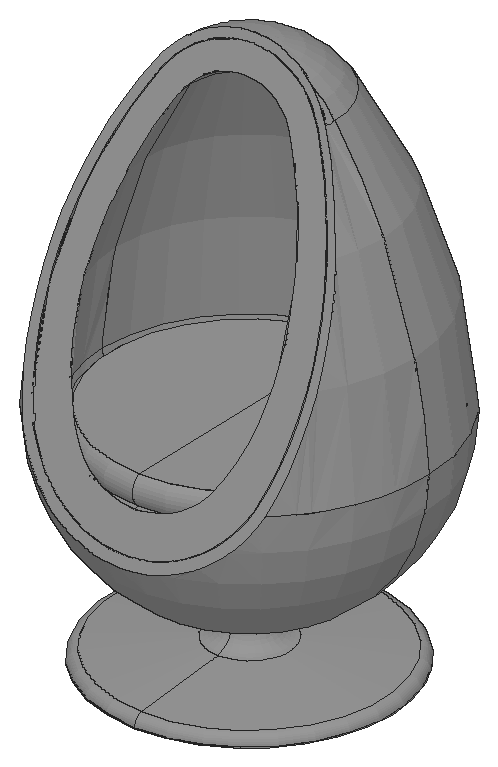
Revit family "RYN_FUR_EggShapedPodChair", category Furniture, Revit 2025
Family settings
  OmniClass Number = 23.40.20.00
  OmniClass Title = General Furniture and Specialties
  Work Plane-Based = No
  Enable Cutting in Views = No
  Always vertical = Yes
  Cut with Voids When Loaded = No
  Render Appearance Source = Family Geometry
  Shared = No
  Room Calculation Point = No
Parameters
  Egg Shaped Pod Chair - Outer = Egg Shaped Pod Chair
- Outer
  Egg Shaped Pod Chair - Inner = Egg Shaped Pod Chair
- Inner
  Default Elevation = 0 mm
Reference planes
  plane 1 "Center (Front/Back)": y = 0
  plane 2: z = 0
  plane 3 "Center (Left/Right)": x = 0
Forms (mm)
  Revolve 1, solid, material "Egg Shaped Pod Chair
- Outer" <- "Egg Shaped Pod Chair - Outer"
    sketch origin (0, 0, 0) x (1, 0, 0) y (0, 0, 1)
      loop
        arc (-450, 570) -> (-318.198, 251.802) -> (0, 120) r 450
        line (0, 120) -> (0, 140)
        arc (0, 140) -> (-303.91, 265.798) -> (-430, 569.587) r 430
        arc (-430, 569.587) -> (-363.202, 937.829) -> (-198.888, 1274.08) r 1364.76
        arc (-198.888, 1274.08) -> (-112.667, 1351.869) -> (0, 1380) r 239.688
        line (0, 1380) -> (0, 1400)
        arc (0, 1400) -> (-122.068, 1369.522) -> (-215.484, 1285.242) r 259.688
        arc (-215.484, 1285.242) -> (-382.272, 943.861) -> (-450, 570) r 1384.76
      axis (0, 1400) -> (0, 120)
    angle from 0 to 360
  Revolve 2, solid, material "Egg Shaped Pod Chair
- Inner" <- "Egg Shaped Pod Chair - Inner"
    sketch origin (0, 0, 0) x (1, 0, 0) y (0, 0, 1)
      loop
        arc (-198.888, 1274.08) -> (-363.202, 937.829) -> (-430, 569.587) r 1364.76
        arc (-430, 569.587) -> (-303.91, 265.798) -> (0, 140) r 430
        line (0, 140) -> (0, 200)
        arc (0, 200) -> (-261.061, 307.803) -> (-369.997, 568.393) r 370
        arc (-369.997, 568.393) -> (-305.985, 919.753) -> (-149.101, 1240.594) r 1304.76
        arc (-149.101, 1240.594) -> (-84.464, 1298.911) -> (0, 1320) r 179.688
        line (0, 1320) -> (0, 1380)
        arc (0, 1380) -> (-112.667, 1351.869) -> (-198.888, 1274.08) r 239.688
      axis (0, 1380) -> (0, 140)
    angle from 0 to 360
  Extrusion 3, void
    sketch origin (0, 0, 0) x (0, 1, 0) y (0, 0, 1)
      loop
        line (21.727, 1400) -> (-458.433, 1400) -> (-458.433, 268.814) -> (21.727, 1400)
    from -450 to 450
  Revolve 4, solid, material "Egg Shaped Pod Chair
- Inner" <- "Egg Shaped Pod Chair - Inner"
    sketch origin (0, 0, 0) x (0, 1, 0) y (0, 0, 1)
      loop
        line (362.678, 495.164) -> (0, 495.164) -> (0, 198.396)
        arc (0, 198.396) -> (234.311, 282.043) -> (362.678, 495.164) r 369.997
      axis (0, 495.164) -> (0, 198.396)
    angle from 0 to 360
  Revolve 5, solid, material "Egg Shaped Pod Chair
- Inner" <- "Egg Shaped Pod Chair - Inner"
    sketch origin (0, 0, 0) x (0, 1, 0) y (0, 0, 1)
      loop
        line (0, 495.164) -> (0, 568.393) -> (-347.678, 568.393)
        arc (-347.678, 568.393) -> (-367.686, 531.778) -> (-347.678, 495.164) r 43.505
        line (-347.678, 495.164) -> (0, 495.164)
      axis (0, 568.393) -> (0, 495.164)
    angle from 0 to 360
  Revolve 6, solid, material "Egg Shaped Pod Chair
- Outer" <- "Egg Shaped Pod Chair - Outer"
    sketch origin (0, 0, 0) x (0, 1, 0) y (0, 0, 1)
      loop
        line (0, 0) -> (360, 0) -> (360, 2.338)
        arc (360, 2.338) -> (353.523, 19.129) -> (337.447, 27.218) r 25
        line (337.447, 27.218) -> (100.106, 50.563)
        arc (100.106, 50.563) -> (67.955, 66.743) -> (55, 100.323) r 50
        line (55, 100.323) -> (55, 123.449)
        arc (55, 123.449) -> (27.547, 120.97) -> (0, 120) r 502.635
        line (0, 120) -> (0, 0)
      axis (0, 123.449) -> (0, 0)
    angle from 0 to 360
Cuts and joins
  Extrusion 3 cuts Revolve 1
  Extrusion 3 cuts Revolve 2
Dimensions and locks
  aligned and locked: level to plane 2
